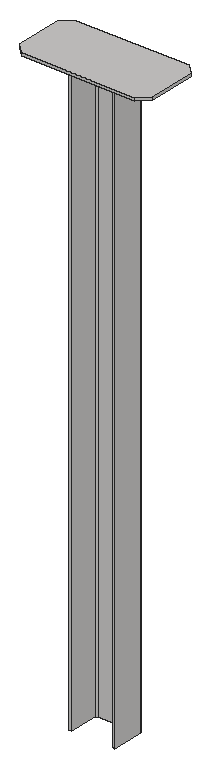
Revit family "E_Cable Tray Support_MEPcontent_OBO Bettermann_US7 FT", category Cable Tray Fittings, Revit 2015
Parameters (values of type "US 7 K 90 FT")
  Wholesaler Art. No. = ""
  Wholesaler = ""
  Watermarked By = "www.stabiplan.com"
  Width 2 = 50.00 mm  # constant formula
  Width 1 = 70.00 mm  # constant formula
  URL = "www.stabiplan.com"
  built-in parameter 1140111 [instance] = 4.00 mm  # constant formula
  Stabu Code = ""
  Revit Version = "2015"  # constant formula
  MEPcontent Class = "CABLE_TRAY_SUPPORT"  # constant formula
  Internal Art. No. = ""
  IFCExportType = "NOTDEFINED"  # constant formula
  IFCExportAs = "IfcCableCarrierFittingType"  # constant formula
  Function Code [instance] = ""
  Family Version = "10.14"  # constant formula
  ETIM Article Class = "EC000082"  # constant formula
  EMCS Version = "2.0"  # constant formula
  Copyright = "© Stabiplan International BV"  # constant formula
  Content Supplier URL = ""
  CB-NL Class = ""
  Article Type = if(and(Width 1 = 70.00 mm, Width 2 = 50.00 mm, Height 1 = 200.00 mm), "US 7 K 20 FT", if(and(Width 1 = 70.00 mm, Width 2 = 50.00 mm, Height 1 = 300.00 mm), "US 7 K 30 FT", if(and(Width 1 = 70.00 mm, Width 2 = 50.00 mm, Height 1 = 400.00 mm), "US 7 K 40 FT", if(and(Width 1 = 70.00 mm, Width 2 = 50.00 mm, Height 1 = 500.00 mm), "US 7 K 50 FT", if(and(Width 1 = 70.00 mm, Width 2 = 50.00 mm, Height 1 = 600.00 mm), "US 7 K 60 FT", if(and(Width 1 = 70.00 mm, Width 2 = 50.00 mm, Height 1 = 700.00 mm), "US 7 K 70 FT", if(and(Width 1 = 70.00 mm, Width 2 = 50.00 mm, Height 1 = 800.00 mm), "US 7 K 80 FT", if(and(Width 1 = 70.00 mm, Width 2 = 50.00 mm, Height 1 = 900.00 mm), "US 7 K 90 FT", if(and(Width 1 = 70.00 mm, Width 2 = 50.00 mm, Height 1 = 1000.00 mm), "US 7 K 100 FT", if(and(Width 1 = 70.00 mm, Width 2 = 50.00 mm, Height 1 = 1100.00 mm), "US 7 K 110 FT", if(and(Width 1 = 70.00 mm, Width 2 = 50.00 mm, Height 1 = 1200.00 mm), "US 7 K 120 FT", if(and(Width 1 = 70.00 mm, Width 2 = 50.00 mm, Height 1 = 1300.00 mm), "US 7 K 130 FT", if(and(Width 1 = 70.00 mm, Width 2 = 50.00 mm, Height 1 = 1400.00 mm), "US 7 K 140 FT", if(and(Width 1 = 70.00 mm, Width 2 = 50.00 mm, Height 1 = 1500.00 mm), "US 7 K 150 FT", if(and(Width 1 = 70.00 mm, Width 2 = 50.00 mm, Height 1 = 1600.00 mm), "US 7 K 160 FT", if(and(Width 1 = 70.00 mm, Width 2 = 50.00 mm, Height 1 = 1700.00 mm), "US 7 K 170 FT", if(and(Width 1 = 70.00 mm, Width 2 = 50.00 mm, Height 1 = 1800.00 mm), "US 7 K 180 FT", if(and(Width 1 = 70.00 mm, Width 2 = 50.00 mm, Height 1 = 1900.00 mm), "US 7 K 190 FT", if(and(Width 1 = 70.00 mm, Width 2 = 50.00 mm, Height 1 = 2000.00 mm), "US 7 K 200 FT", "Unknown")))))))))))))))))))  # "US 7 K 90 FT"
  Product Line = "OBO BETTERMANN CableTrays"  # constant formula
  Model = if(and(Width 1 = 70.00 mm, Width 2 = 50.00 mm, Height 1 = 200.00 mm), "US 7 K 20 FT", if(and(Width 1 = 70.00 mm, Width 2 = 50.00 mm, Height 1 = 300.00 mm), "US 7 K 30 FT", if(and(Width 1 = 70.00 mm, Width 2 = 50.00 mm, Height 1 = 400.00 mm), "US 7 K 40 FT", if(and(Width 1 = 70.00 mm, Width 2 = 50.00 mm, Height 1 = 500.00 mm), "US 7 K 50 FT", if(and(Width 1 = 70.00 mm, Width 2 = 50.00 mm, Height 1 = 600.00 mm), "US 7 K 60 FT", if(and(Width 1 = 70.00 mm, Width 2 = 50.00 mm, Height 1 = 700.00 mm), "US 7 K 70 FT", if(and(Width 1 = 70.00 mm, Width 2 = 50.00 mm, Height 1 = 800.00 mm), "US 7 K 80 FT", if(and(Width 1 = 70.00 mm, Width 2 = 50.00 mm, Height 1 = 900.00 mm), "US 7 K 90 FT", if(and(Width 1 = 70.00 mm, Width 2 = 50.00 mm, Height 1 = 1000.00 mm), "US 7 K 100 FT", if(and(Width 1 = 70.00 mm, Width 2 = 50.00 mm, Height 1 = 1100.00 mm), "US 7 K 110 FT", if(and(Width 1 = 70.00 mm, Width 2 = 50.00 mm, Height 1 = 1200.00 mm), "US 7 K 120 FT", if(and(Width 1 = 70.00 mm, Width 2 = 50.00 mm, Height 1 = 1300.00 mm), "US 7 K 130 FT", if(and(Width 1 = 70.00 mm, Width 2 = 50.00 mm, Height 1 = 1400.00 mm), "US 7 K 140 FT", if(and(Width 1 = 70.00 mm, Width 2 = 50.00 mm, Height 1 = 1500.00 mm), "US 7 K 150 FT", if(and(Width 1 = 70.00 mm, Width 2 = 50.00 mm, Height 1 = 1600.00 mm), "US 7 K 160 FT", if(and(Width 1 = 70.00 mm, Width 2 = 50.00 mm, Height 1 = 1700.00 mm), "US 7 K 170 FT", if(and(Width 1 = 70.00 mm, Width 2 = 50.00 mm, Height 1 = 1800.00 mm), "US 7 K 180 FT", if(and(Width 1 = 70.00 mm, Width 2 = 50.00 mm, Height 1 = 1900.00 mm), "US 7 K 190 FT", if(and(Width 1 = 70.00 mm, Width 2 = 50.00 mm, Height 1 = 2000.00 mm), "US 7 K 200 FT", "Unknown")))))))))))))))))))  # "US 7 K 90 FT"
  Manufacturer = "OBO BETTERMANN"  # constant formula
  Custom [instance] = if(and(Width 1 = 70.00 mm, Width 2 = 50.00 mm, Height 1 = 200.00 mm), 1 = 0, if(and(Width 1 = 70.00 mm, Width 2 = 50.00 mm, Height 1 = 300.00 mm), 1 = 0, if(and(Width 1 = 70.00 mm, Width 2 = 50.00 mm, Height 1 = 400.00 mm), 1 = 0, if(and(Width 1 = 70.00 mm, Width 2 = 50.00 mm, Height 1 = 500.00 mm), 1 = 0, if(and(Width 1 = 70.00 mm, Width 2 = 50.00 mm, Height 1 = 600.00 mm), 1 = 0, if(and(Width 1 = 70.00 mm, Width 2 = 50.00 mm, Height 1 = 700.00 mm), 1 = 0, if(and(Width 1 = 70.00 mm, Width 2 = 50.00 mm, Height 1 = 800.00 mm), 1 = 0, if(and(Width 1 = 70.00 mm, Width 2 = 50.00 mm, Height 1 = 900.00 mm), 1 = 0, if(and(Width 1 = 70.00 mm, Width 2 = 50.00 mm, Height 1 = 1000.00 mm), 1 = 0, if(and(Width 1 = 70.00 mm, Width 2 = 50.00 mm, Height 1 = 1100.00 mm), 1 = 0, if(and(Width 1 = 70.00 mm, Width 2 = 50.00 mm, Height 1 = 1200.00 mm), 1 = 0, if(and(Width 1 = 70.00 mm, Width 2 = 50.00 mm, Height 1 = 1300.00 mm), 1 = 0, if(and(Width 1 = 70.00 mm, Width 2 = 50.00 mm, Height 1 = 1400.00 mm), 1 = 0, if(and(Width 1 = 70.00 mm, Width 2 = 50.00 mm, Height 1 = 1500.00 mm), 1 = 0, if(and(Width 1 = 70.00 mm, Width 2 = 50.00 mm, Height 1 = 1600.00 mm), 1 = 0, if(and(Width 1 = 70.00 mm, Width 2 = 50.00 mm, Height 1 = 1700.00 mm), 1 = 0, if(and(Width 1 = 70.00 mm, Width 2 = 50.00 mm, Height 1 = 1800.00 mm), 1 = 0, if(and(Width 1 = 70.00 mm, Width 2 = 50.00 mm, Height 1 = 1900.00 mm), 1 = 0, if(and(Width 1 = 70.00 mm, Width 2 = 50.00 mm, Height 1 = 2000.00 mm), 1 = 0, 1 = 1)))))))))))))))))))  # no
  Height 1 = 900.00 mm
  GTIN = if(and(Width 1 = 70.00 mm, Width 2 = 50.00 mm, Height 1 = 200.00 mm), "4012196186556", if(and(Width 1 = 70.00 mm, Width 2 = 50.00 mm, Height 1 = 300.00 mm), "4012196186617", if(and(Width 1 = 70.00 mm, Width 2 = 50.00 mm, Height 1 = 400.00 mm), "4012196186679", if(and(Width 1 = 70.00 mm, Width 2 = 50.00 mm, Height 1 = 500.00 mm), "4012196186730", if(and(Width 1 = 70.00 mm, Width 2 = 50.00 mm, Height 1 = 600.00 mm), "4012196186792", if(and(Width 1 = 70.00 mm, Width 2 = 50.00 mm, Height 1 = 700.00 mm), "4012196186853", if(and(Width 1 = 70.00 mm, Width 2 = 50.00 mm, Height 1 = 800.00 mm), "4012196186914", if(and(Width 1 = 70.00 mm, Width 2 = 50.00 mm, Height 1 = 900.00 mm), "4012196186976", if(and(Width 1 = 70.00 mm, Width 2 = 50.00 mm, Height 1 = 1000.00 mm), "4012196187034", if(and(Width 1 = 70.00 mm, Width 2 = 50.00 mm, Height 1 = 1100.00 mm), "4012196187096", if(and(Width 1 = 70.00 mm, Width 2 = 50.00 mm, Height 1 = 1200.00 mm), "4012196187157", if(and(Width 1 = 70.00 mm, Width 2 = 50.00 mm, Height 1 = 1300.00 mm), "4012196187218", if(and(Width 1 = 70.00 mm, Width 2 = 50.00 mm, Height 1 = 1400.00 mm), "4012196187270", if(and(Width 1 = 70.00 mm, Width 2 = 50.00 mm, Height 1 = 1500.00 mm), "4012196187331", if(and(Width 1 = 70.00 mm, Width 2 = 50.00 mm, Height 1 = 1600.00 mm), "4012196187393", if(and(Width 1 = 70.00 mm, Width 2 = 50.00 mm, Height 1 = 1700.00 mm), "4012196187454", if(and(Width 1 = 70.00 mm, Width 2 = 50.00 mm, Height 1 = 1800.00 mm), "4012196187515", if(and(Width 1 = 70.00 mm, Width 2 = 50.00 mm, Height 1 = 1900.00 mm), "4012196187577", if(and(Width 1 = 70.00 mm, Width 2 = 50.00 mm, Height 1 = 2000.00 mm), "4012196187638", "Unknown")))))))))))))))))))  # "4012196186976"
  Description = "Suspended support (U profile) of dimensions 70 x 50 mm with welded head plate."  # constant formula
  Depth = 100.00 mm  # constant formula
  Manufacturer URL = "http://catalog4.obo-bettermann.com/catalogue/catalogue.do?forward=showProductGroup&act=showIO&favOid=kts_7445&action=showManyProducts&lang=nl&OID=kts_7445&catId="
  Gray = Color RGB 189-187-185
  Manufacturer Art. No. = if(and(Width 1 = 70.00 mm, Width 2 = 50.00 mm, Height 1 = 200.00 mm), "6339018", if(and(Width 1 = 70.00 mm, Width 2 = 50.00 mm, Height 1 = 300.00 mm), "6339034", if(and(Width 1 = 70.00 mm, Width 2 = 50.00 mm, Height 1 = 400.00 mm), "6339050", if(and(Width 1 = 70.00 mm, Width 2 = 50.00 mm, Height 1 = 500.00 mm), "6339077", if(and(Width 1 = 70.00 mm, Width 2 = 50.00 mm, Height 1 = 600.00 mm), "6339093", if(and(Width 1 = 70.00 mm, Width 2 = 50.00 mm, Height 1 = 700.00 mm), "6339115", if(and(Width 1 = 70.00 mm, Width 2 = 50.00 mm, Height 1 = 800.00 mm), "6339131", if(and(Width 1 = 70.00 mm, Width 2 = 50.00 mm, Height 1 = 900.00 mm), "6339166", if(and(Width 1 = 70.00 mm, Width 2 = 50.00 mm, Height 1 = 1000.00 mm), "6339182", if(and(Width 1 = 70.00 mm, Width 2 = 50.00 mm, Height 1 = 1100.00 mm), "6339190", if(and(Width 1 = 70.00 mm, Width 2 = 50.00 mm, Height 1 = 1200.00 mm), "6339204", if(and(Width 1 = 70.00 mm, Width 2 = 50.00 mm, Height 1 = 1300.00 mm), "6339212", if(and(Width 1 = 70.00 mm, Width 2 = 50.00 mm, Height 1 = 1400.00 mm), "6339220", if(and(Width 1 = 70.00 mm, Width 2 = 50.00 mm, Height 1 = 1500.00 mm), "6339239", if(and(Width 1 = 70.00 mm, Width 2 = 50.00 mm, Height 1 = 1600.00 mm), "6339247", if(and(Width 1 = 70.00 mm, Width 2 = 50.00 mm, Height 1 = 1700.00 mm), "6339255", if(and(Width 1 = 70.00 mm, Width 2 = 50.00 mm, Height 1 = 1800.00 mm), "6339263", if(and(Width 1 = 70.00 mm, Width 2 = 50.00 mm, Height 1 = 1900.00 mm), "6339271", if(and(Width 1 = 70.00 mm, Width 2 = 50.00 mm, Height 1 = 2000.00 mm), "6339298", "Unknown")))))))))))))))))))  # "6339166"
  Article Description = "Suspended support (U profile) of dimensions 70 x 50 mm with welded head plate."  # constant formula
Types (19, lengths in mm): name | Article Type | Model | Height 1 | GTIN | Manufacturer Art. No.
  US 7 K 20 FT | "US 7 K 20 FT" | "US 7 K 20 FT" | 200.00 | "4012196186556" | "6339018"
  US 7 K 30 FT | "US 7 K 30 FT" | "US 7 K 30 FT" | 300.00 | "4012196186617" | "6339034"
  US 7 K 40 FT | "US 7 K 40 FT" | "US 7 K 40 FT" | 400.00 | "4012196186679" | "6339050"
  US 7 K 50 FT | "US 7 K 50 FT" | "US 7 K 50 FT" | 500.00 | "4012196186730" | "6339077"
  US 7 K 60 FT | "US 7 K 60 FT" | "US 7 K 60 FT" | 600.00 | "4012196186792" | "6339093"
  US 7 K 70 FT | "US 7 K 70 FT" | "US 7 K 70 FT" | 700.00 | "4012196186853" | "6339115"
  US 7 K 80 FT | "US 7 K 80 FT" | "US 7 K 80 FT" | 800.00 | "4012196186914" | "6339131"
  US 7 K 90 FT | "US 7 K 90 FT" | "US 7 K 90 FT" | 900.00 | "4012196186976" | "6339166"
  US 7 K 100 FT | "US 7 K 100 FT" | "US 7 K 100 FT" | 1000.00 | "4012196187034" | "6339182"
  US 7 K 110 FT | "US 7 K 110 FT" | "US 7 K 110 FT" | 1100.00 | "4012196187096" | "6339190"
  US 7 K 120 FT | "US 7 K 120 FT" | "US 7 K 120 FT" | 1200.00 | "4012196187157" | "6339204"
  US 7 K 130 FT | "US 7 K 130 FT" | "US 7 K 130 FT" | 1300.00 | "4012196187218" | "6339212"
  US 7 K 140 FT | "US 7 K 140 FT" | "US 7 K 140 FT" | 1400.00 | "4012196187270" | "6339220"
  US 7 K 150 FT | "US 7 K 150 FT" | "US 7 K 150 FT" | 1500.00 | "4012196187331" | "6339239"
  US 7 K 160 FT | "US 7 K 160 FT" | "US 7 K 160 FT" | 1600.00 | "4012196187393" | "6339247"
  US 7 K 170 FT | "US 7 K 170 FT" | "US 7 K 170 FT" | 1700.00 | "4012196187454" | "6339255"
  US 7 K 180 FT | "US 7 K 180 FT" | "US 7 K 180 FT" | 1800.00 | "4012196187515" | "6339263"
  US 7 K 190 FT | "US 7 K 190 FT" | "US 7 K 190 FT" | 1900.00 | "4012196187577" | "6339271"
  US 7 K 200 FT | "US 7 K 200 FT" | "US 7 K 200 FT" | 2000.00 | "4012196187638" | "6339298"
Reference planes
  plane 1 "Center (Front/Back)": y = 0
  plane 2: z = 0
  plane 3 "Center (Left/Right)": x = 0
  plane 4: x = -35
  plane 5: x = 35
  plane 6: y = -25
  plane 7: y = 25
  plane 8: x = -100
  plane 9: x = 100
  plane 10: y = -50
  plane 11: y = 50
  plane 12: y = -47.5
  plane 13: y = 47.5
  plane 14: x = -85
  plane 15: y = 35
  plane 16: z = -904
  plane 17: z = -4
Forms (mm)
  Extrusion 1, solid, material "Color RGB 189-187-185" <- "Gray", detail levels medium+fine
    sketch origin (0, 0, 0) x (1, 0, 0) y (0, 1, 0)
      loop
        line (-35, -25) -> (-31, -25) -> (-31, 18.5)
        arc (-31, 18.5) -> (-30.268, 20.268) -> (-28.5, 21) r 2.5
        line (-28.5, 21) -> (28.5, 21)
        arc (28.5, 21) -> (30.268, 20.268) -> (31, 18.5) r 2.5
        line (31, 18.5) -> (31, -25) -> (35, -25) -> (35, 22.5)
        arc (35, 22.5) -> (34.268, 24.268) -> (32.5, 25) r 2.5
        line (32.5, 25) -> (-32.5, 25)
        arc (-32.5, 25) -> (-34.268, 24.268) -> (-35, 22.5) r 2.5
        line (-35, 22.5) -> (-35, -25)
    from -904 to -4
  Extrusion 2, solid, material "Color RGB 189-187-185" <- "Gray", detail levels medium+fine
    sketch origin (0, 0, 0) x (1, 0, 0) y (0, 1, 0)
      loop
        line (-85, 50) -> (-100, 35) -> (-100, -35) -> (-85, -50) -> (85, -50) -> (100, -35) -> (100, 35) -> (85, 50) -> (-85, 50)
    from 0 to -4
Cuts and joins
  joined: Extrusion 1, Extrusion 2
Lines and regions (mm)
  model lines, style "Fittings", detail levels coarse
    curve 1: line (0, 0, -904) -> (0, 0, 0)
Dimensions and locks
  equal spacing: plane 5, plane 3 "Center (Left/Right)", plane 4
  "Width 1": plane 5 to plane 4
  equal spacing: plane 6, plane 1 "Center (Front/Back)", plane 7
  "Width 2": plane 6 to plane 7
  equal spacing: plane 9, plane 3 "Center (Left/Right)", plane 8
  equal spacing: plane 10, plane 1 "Center (Front/Back)", plane 11
  "Depth": plane 10 to plane 11
  "built-in parameter 1140111": Extrusion 1 sketch curve to Extrusion 1 sketch curve  (x3)
  locked: plane 10 to plane 12 at 2.5
  locked: plane 13 to plane 11 at 2.5
  locked: plane 9 to plane 8 at 200
  "built-in parameter 1140111": level to plane 17
  "Height 1": plane 17 to plane 16
  radius of Extrusion 1 sketch curve = 2.50 mm  (x4)
  aligned and locked: level to plane 2
  aligned and locked: plane 4 to Extrusion 1 sketch curve
  aligned and locked: plane 7 to Extrusion 1 sketch curve
  aligned and locked: plane 5 to Extrusion 1 sketch curve
  aligned and locked: Extrusion 1 sketch curve to plane 6
  aligned and locked: plane 6 to Extrusion 1 sketch curve
  aligned and locked: curve 1 to plane 3 "Center (Left/Right)"
  aligned and locked: level to curve 1
  aligned and locked: plane 16 to curve 1
  aligned and locked: cut or joined group of Extrusion 1, Extrusion 2 to plane 16
  aligned and locked: cut or joined group of Extrusion 1, Extrusion 2 to plane 17
  aligned and locked: level to cut or joined group of Extrusion 1, Extrusion 2
  aligned and locked: plane 17 to cut or joined group of Extrusion 1, Extrusion 2
Automatic sketch dimensions
  Extrusion 2 sketch curve to plane 8 = 0.00 mm
  Extrusion 2 sketch curve to plane 10 = 0.00 mm
  Extrusion 2 sketch curve to plane 14 = 0.00 mm  (x2)
  plane 11 to Extrusion 2 sketch curve = 0.00 mm
  Extrusion 2 sketch curve to plane 9 = 0.00 mm
  Extrusion 2 sketch curve to plane 15 = 0.00 mm
  plane 15 to Extrusion 2 sketch curve = 0.00 mm
  plane 9 to Extrusion 2 sketch curve = 15.00 mm  (x2)
  Extrusion 2 sketch curve to plane 6 = 10.00 mm  (x2)
  Extrusion 1 sketch curve to plane 5 = 0.00 mm
